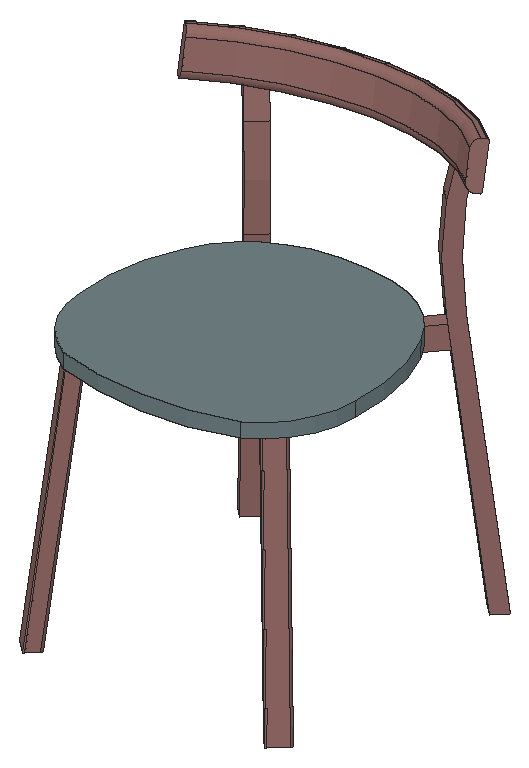
Revit family "FU_Chair_Sandler_Timber 1-9", category Furniture, Revit 2020
Family settings
  OmniClass Number = 23.40.20.00
  OmniClass Title = General Furniture and Specialties
  Work Plane-Based = No
  Always vertical = Yes
  Cut with Voids When Loaded = No
  Shared = No
  Room Calculation Point = No
Parameters (values of type "Timber 1.9")
  Width = 555 mm
  URL = "https://www.sandlerseating.com/product/timber-1-9/"
  Seat [instance] = Fabric - X2 - Polygon AK002
  Model = "Timber 1.9"
  Manufacturer = "Sandler"
  Height = 795 mm
  Frame = Wood - Stain - Light Mahogany
  Description = "Side chair with a wooden seat, back and upholstered seat panel on a solid beech frame."
  Depth = 550 mm
  Default Elevation = 0 mm
Reference planes
  plane 1 "Center (Front/Back)": y = 0
  plane 2: z = 0
  plane 3 "Center (Left/Right)": x = 0
  plane 4 "Right": x = -277.5
  plane 5 "Left": x = 277.5
  plane 6 "Back": y = 275
  plane 7 "Front": y = -275
  plane 8 "Height": z = 795
  plane 9 "Seat height": z = 480
  plane 10 "FL C RIGHT": through (4267.2, -241.794, 3.771) normal (0, -0.9956, 0.0933)
  plane 11 "FLL C FRONT": through (218.068, -1524, 3.738) normal (-0.996, 0, -0.089)
  plane 12 "Seat Frame Base RIGHT": z = 424.002
  plane 13 "Back C Angle RIGHT": through (4267.2, 132.052, 763.163) normal (0, 0.1979, 0.9802)
Forms (mm)
  Sweep 1, solid, material "Wood - Stain - Light Mahogany" <- "Frame"
    path origin (0, -240.042, 22.484) x (0, -0.093258, -0.995642) y (1, 0, 0)
      loop
        line (26.824, 218.84) -> (-446.272, 176.358)
    profile origin (197.599, -220.483, 231.294) x (-0.995993, -0.008341, -0.089046) y (0, -0.995642, 0.093258)
      loop
        arc (21.232, 2.156) -> (21.824, 3.557) -> (21.273, 4.973) r 2.021
        line (21.273, 4.973) -> (5.487, 21.694)
        arc (5.487, 21.694) -> (4.081, 22.312) -> (2.658, 21.735) r 1.973
        line (2.658, 21.735) -> (-21.459, -2.383)
        arc (-21.459, -2.383) -> (-22.04, -3.756) -> (-21.5, -5.146) r 1.983
        line (-21.5, -5.146) -> (-5.737, -21.854)
        arc (-5.737, -21.854) -> (-4.288, -22.492) -> (-2.821, -21.897) r 2.033
        line (-2.821, -21.897) -> (21.232, 2.156)
  Extrusion 2, solid, material "Wood - Stain - Light Mahogany" <- "Frame"
    sketch origin (-114.915, 220.821, 0) x (0.694658, 0.71934, 0) y (0, 0, 1)
      loop
        line (235.568, 0) -> (262.432, 0) -> (202.187, 480)
        arc (202.187, 480) -> (196.765, 570) -> (202.187, 660) r 749.759
        arc (202.187, 660) -> (211.87, 708.404) -> (223.806, 756.303) r 1055.801
        arc (223.806, 756.303) -> (223.621, 757.811) -> (222.43, 758.754) r 2
        line (222.43, 758.754) -> (200.727, 764.997)
        arc (200.727, 764.997) -> (199.222, 764.829) -> (198.274, 763.648) r 1.984
        arc (198.274, 763.648) -> (185.076, 712.306) -> (175.323, 660.201) r 796.447
        arc (175.323, 660.201) -> (168.473, 570.1) -> (175.323, 480) r 595.989
        line (175.323, 480) -> (235.568, 0)
    from 205 to 239.99
  Extrusion 3, solid, material "Wood - Stain - Light Mahogany" <- "Frame"
    sketch origin (0, 0, 424.002) x (0, -1, 0) y (1, 0, 0)
      loop
        line (-186.338, -184.228) -> (0.927, -19.234) -> (185.238, -181.625) -> (205.688, -161.175) -> (103.954, -71.54) -> (103.954, 71.54) -> (204.319, 159.969) -> (183.869, 180.419) -> (0.927, 19.234) -> (-185.15, 183.181) -> (-205.6, 162.731) -> (-103.954, 73.173) -> (-103.954, -73.173) -> (-206.788, -163.778) -> (-186.338, -184.228)
      loop
        line (79.765, 50.228) -> (22.757, 0) -> (79.765, -50.228) -> (79.765, 50.228)
      loop
        line (-79.765, 51.861) -> (-79.765, -51.861) -> (-20.903, 0) -> (-79.765, 51.861)
    from 0 to 40
  Sweep 4, solid, material "Wood - Stain - Light Mahogany" <- "Frame"
    path origin (0, -240.042, 22.484) x (0, -0.093258, -0.995642) y (-1, 0, 0)
      loop
        line (26.824, 218.84) -> (-446.272, 176.358)
    profile origin (-197.599, -220.483, 231.294) x (-0.995993, 0.008341, 0.089046) y (0, -0.995642, 0.093258)
      loop
        line (-21.232, 2.156) -> (2.821, -21.897)
        arc (2.821, -21.897) -> (4.288, -22.492) -> (5.737, -21.854) r 2.033
        line (5.737, -21.854) -> (21.5, -5.146)
        arc (21.5, -5.146) -> (22.04, -3.756) -> (21.459, -2.383) r 1.983
        line (21.459, -2.383) -> (-2.658, 21.735)
        arc (-2.658, 21.735) -> (-4.081, 22.312) -> (-5.487, 21.694) r 1.973
        line (-5.487, 21.694) -> (-21.273, 4.973)
        arc (-21.273, 4.973) -> (-21.824, 3.557) -> (-21.232, 2.156) r 2.021
  Extrusion 5, solid, material "Wood - Stain - Light Mahogany" <- "Frame"
    sketch origin (114.915, 220.821, 0) x (-0.694658, 0.71934, 0) y (0, 0, -1)
      loop
        line (235.568, 0) -> (175.323, -480)
        arc (175.323, -480) -> (168.473, -570.1) -> (175.323, -660.201) r 595.989
        arc (175.323, -660.201) -> (185.076, -712.306) -> (198.274, -763.648) r 796.447
        arc (198.274, -763.648) -> (199.222, -764.829) -> (200.727, -764.997) r 1.984
        line (200.727, -764.997) -> (222.43, -758.754)
        arc (222.43, -758.754) -> (223.621, -757.811) -> (223.806, -756.303) r 2
        arc (223.806, -756.303) -> (211.87, -708.404) -> (202.187, -660) r 1055.801
        arc (202.187, -660) -> (196.765, -570) -> (202.187, -480) r 749.759
        line (202.187, -480) -> (262.432, 0) -> (235.568, 0)
    from 205 to 239.99
  Sweep 6, solid, material "Wood - Stain - Light Mahogany" <- "Frame"
    path origin (0, 153.179, 758.898) x (0, -0.980231, 0.197854) y (1, 0, 0)
      loop
        arc (12.194, -256.61) -> (-98.855, 0) -> (12.194, 256.61) r 352.007
    profile "pro_Timber_1-10_back : pro_Timber_1-10_back" origin (0, 250.08, 739.34) x (0, 0.980231, -0.197854) y (0, 0.197854, 0.980231)
      loop
        line (15.956, 40.304) -> (7.975, 40.304)
        arc (7.975, 40.304) -> (-2.631, 35.911) -> (-7.025, 25.304) r 15
        line (-7.025, 25.304) -> (-7.025, -25.304)
        arc (-7.025, -25.304) -> (-2.631, -35.911) -> (7.975, -40.304) r 15
        line (7.975, -40.304) -> (16, -40.304)
        arc (16, -40.304) -> (17.414, -39.718) -> (18, -38.304) r 2
        line (18, -38.304) -> (18, 38.26)
        arc (18, 38.26) -> (17.401, 39.706) -> (15.956, 40.304) r 2.044
  Extrusion 7, solid, material "Fabric - X2 - Polygon AK002" <- "Seat"
    sketch origin (0, 0, 480) x (-1, 0, 0) y (0, -1, 0)
      loop
        arc (-156.418, 248.122) -> (-219.603, 186.495) -> (-243.779, 101.607) r 171.525
        arc (-243.779, 101.607) -> (-239.496, 5.237) -> (-208.914, -86.252) r 347.881
        arc (-208.914, -86.252) -> (-152.505, -155.265) -> (-71.802, -193.106) r 201.029
        arc (-71.802, -193.106) -> (0, -200.851) -> (71.802, -193.106) r 336.703
        arc (71.802, -193.106) -> (152.505, -155.265) -> (208.914, -86.252) r 201.029
        arc (208.914, -86.252) -> (239.496, 5.237) -> (243.779, 101.607) r 347.881
        arc (243.779, 101.607) -> (219.603, 186.495) -> (156.418, 248.122) r 171.525
        arc (156.418, 248.122) -> (0, 273.142) -> (-156.418, 248.122) r 501.439
    from -15.998 to 10
  Extrusion 8, void
    sketch origin (0, 0, 0) x (0, 1, 0) y (0, 0, 1)
      loop
        line (-275, -18.18) -> (-211.03, -18.18) -> (-211.03, 0) -> (-275, 0) -> (-275, -18.18)
    from -250 to 250
Cuts and joins
  Extrusion 8 cuts Sweep 4
  Extrusion 8 cuts Sweep 1
Dimensions and locks
  equal spacing: plane 4 "Right", plane 3 "Center (Left/Right)", plane 5 "Left"
  "Width": plane 4 "Right" to plane 5 "Left"
  equal spacing: plane 6 "Back", plane 1 "Center (Front/Back)", plane 7 "Front"
  "Depth": plane 6 "Back" to plane 7 "Front"
  "Height": plane 8 "Height" to level
  plane 9 "Seat height" to level = 480 mm
  aligned and locked: level to plane 2
Automatic sketch dimensions
  plane 5 "Left" to Sweep 1 sketch curve = 101.142 mm
  plane 5 "Left" to Sweep 1 sketch curve = 58.66 mm
  Sweep 1 sketch curve to Sweep 1 sketch curve = 473.096 mm
  Sweep 1 sketch curve to plane 10 "FL C RIGHT" = 5.146 mm
  profile plane to Sweep 1 sketch curve = 21.5 mm
  Sweep 1 sketch curve to plane 10 "FL C RIGHT" = 2.383 mm
  Sweep 1 sketch curve to Sweep 1 sketch curve = 0.04 mm
  Sweep 1 sketch curve to Sweep 1 sketch curve = 1.442 mm
  profile plane to Sweep 1 sketch curve = 5.737 mm
  Sweep 1 sketch curve to Sweep 1 sketch curve = 1.478 mm
  Sweep 1 sketch curve to Sweep 1 sketch curve = 1.437 mm
  Sweep 1 sketch curve to profile plane = 2.658 mm
  Sweep 1 sketch curve to Sweep 1 sketch curve = 1.395 mm  (x2)
  Sweep 1 sketch curve to Sweep 1 sketch curve = 1.434 mm
  plane 10 "FL C RIGHT" to Sweep 1 sketch curve = 3.586 mm
  Sweep 1 sketch curve to profile plane = 19.803 mm
  plane 10 "FL C RIGHT" to Sweep 1 sketch curve = 2.156 mm
  Sweep 1 sketch curve to Sweep 1 sketch curve = 1.429 mm
  plane 10 "FL C RIGHT" to Sweep 1 sketch curve = 4.973 mm
  Sweep 1 sketch curve to plane 10 "FL C RIGHT" = 20.459 mm
  plane 10 "FL C RIGHT" to Sweep 1 sketch curve = 20.34 mm
  Sweep 1 sketch curve to Sweep 1 sketch curve = 1.354 mm
  Extrusion 2 sketch curve to plane 9 "Seat height" = 0 mm  (x2)
  Extrusion 2 sketch curve to level = 0 mm
  Extrusion 2 sketch curve to plane 8 "Height" = 31.91 mm
  Extrusion 2 sketch curve to Extrusion 2 sketch curve = 24.855 mm
  Extrusion 2 sketch curve to plane 8 "Height" = 30.003 mm
  Extrusion 2 sketch curve to Extrusion 2 sketch curve = 0.548 mm
  Extrusion 2 sketch curve to Extrusion 2 sketch curve = 26.864 mm  (x3)
  Extrusion 2 sketch curve to Extrusion 2 sketch curve = 21.699 mm
  Extrusion 2 sketch curve to plane 8 "Height" = 36.246 mm
  Extrusion 2 sketch curve to Extrusion 2 sketch curve = 0.553 mm
  Extrusion 2 sketch curve to Extrusion 2 sketch curve = 33.382 mm
  plane 9 "Seat height" to Extrusion 2 sketch curve = 90.1 mm
  Extrusion 2 sketch curve to Extrusion 2 sketch curve = 562.275 mm
  plane 9 "Seat height" to Extrusion 2 sketch curve = 90 mm
  Extrusion 2 sketch curve to Extrusion 2 sketch curve = 182.063 mm
  Extrusion 2 sketch curve to Extrusion 2 sketch curve = 16.092 mm
  Extrusion 2 sketch curve to plane 9 "Seat height" = 2.86 mm
  Extrusion 2 sketch curve to Extrusion 2 sketch curve = 279.416 mm
  Extrusion 2 sketch curve to Extrusion 2 sketch curve = 30.205 mm
  Extrusion 2 sketch curve to Extrusion 2 sketch curve = 1.922 mm
  Extrusion 2 sketch curve to Extrusion 2 sketch curve = 0 mm
  Extrusion 3 sketch curve to plane 3 "Center (Left/Right)" = 0 mm  (x2)
  Extrusion 3 sketch curve to plane 6 "Back" = 68.212 mm
  Extrusion 3 sketch curve to plane 6 "Back" = 69.4 mm
  Extrusion 3 sketch curve to Extrusion 3 sketch curve = 20.45 mm  (x8)
  Extrusion 3 sketch curve to plane 1 "Center (Front/Back)" = 103.954 mm
  Extrusion 3 sketch curve to Extrusion 3 sketch curve = 24.189 mm  (x2)
  Extrusion 3 sketch curve to plane 1 "Center (Front/Back)" = 20.903 mm
  plane 1 "Center (Front/Back)" to Extrusion 3 sketch curve = 0.927 mm  (x2)
  plane 1 "Center (Front/Back)" to Extrusion 3 sketch curve = 22.757 mm
  Extrusion 3 sketch curve to Extrusion 3 sketch curve = 57.008 mm
  plane 7 "Front" to Extrusion 3 sketch curve = 91.131 mm
  plane 7 "Front" to Extrusion 3 sketch curve = 89.762 mm
  Extrusion 3 sketch curve to plane 3 "Center (Left/Right)" = 19.234 mm
  Extrusion 3 sketch curve to plane 3 "Center (Left/Right)" = 50.228 mm
  Extrusion 3 sketch curve to plane 3 "Center (Left/Right)" = 51.861 mm
  Extrusion 3 sketch curve to Extrusion 3 sketch curve = 21.312 mm  (x4)
  Extrusion 3 sketch curve to plane 4 "Right" = 116.325 mm
  Extrusion 3 sketch curve to plane 4 "Right" = 113.722 mm
  plane 3 "Center (Left/Right)" to Extrusion 3 sketch curve = 19.234 mm
  plane 3 "Center (Left/Right)" to Extrusion 3 sketch curve = 50.228 mm
  plane 3 "Center (Left/Right)" to Extrusion 3 sketch curve = 51.861 mm
  plane 5 "Left" to Extrusion 3 sketch curve = 117.531 mm
  plane 5 "Left" to Extrusion 3 sketch curve = 114.769 mm
  plane 4 "Right" to Sweep 4 sketch curve = 101.142 mm
  plane 4 "Right" to Sweep 4 sketch curve = 58.66 mm
  Sweep 4 sketch curve to Sweep 4 sketch curve = 473.096 mm
  plane 10 "FL C RIGHT" to Sweep 4 sketch curve = 4.973 mm
  profile plane to Sweep 4 sketch curve = 21.273 mm
  plane 10 "FL C RIGHT" to Sweep 4 sketch curve = 2.156 mm
  Sweep 4 sketch curve to Sweep 4 sketch curve = 0.041 mm
  Sweep 4 sketch curve to Sweep 4 sketch curve = 1.429 mm
  profile plane to Sweep 4 sketch curve = 5.487 mm
  Sweep 4 sketch curve to Sweep 4 sketch curve = 1.434 mm
  Sweep 4 sketch curve to Sweep 4 sketch curve = 1.395 mm  (x2)
  Sweep 4 sketch curve to profile plane = 2.821 mm
  Sweep 4 sketch curve to Sweep 4 sketch curve = 1.437 mm
  Sweep 4 sketch curve to Sweep 4 sketch curve = 1.478 mm
  Sweep 4 sketch curve to plane 10 "FL C RIGHT" = 3.785 mm
  Sweep 4 sketch curve to profile plane = 20.057 mm
  Sweep 4 sketch curve to plane 10 "FL C RIGHT" = 2.383 mm
  Sweep 4 sketch curve to Sweep 4 sketch curve = 1.402 mm
  Sweep 4 sketch curve to plane 10 "FL C RIGHT" = 5.146 mm
  Sweep 4 sketch curve to plane 10 "FL C RIGHT" = 20.459 mm
  plane 10 "FL C RIGHT" to Sweep 4 sketch curve = 20.34 mm
  Sweep 4 sketch curve to Sweep 4 sketch curve = 1.354 mm
  Extrusion 5 sketch curve to plane 9 "Seat height" = 0 mm  (x2)
  Extrusion 5 sketch curve to level = 0 mm
  Extrusion 5 sketch curve to plane 8 "Height" = 31.91 mm
  Extrusion 5 sketch curve to Extrusion 5 sketch curve = 24.855 mm
  Extrusion 5 sketch curve to plane 8 "Height" = 30.003 mm
  Extrusion 5 sketch curve to Extrusion 5 sketch curve = 0.548 mm
  Extrusion 5 sketch curve to Extrusion 5 sketch curve = 26.864 mm  (x3)
  Extrusion 5 sketch curve to Extrusion 5 sketch curve = 21.699 mm
  Extrusion 5 sketch curve to plane 8 "Height" = 36.246 mm
  Extrusion 5 sketch curve to Extrusion 5 sketch curve = 0.553 mm
  Extrusion 5 sketch curve to Extrusion 5 sketch curve = 33.382 mm
  plane 9 "Seat height" to Extrusion 5 sketch curve = 90.1 mm
  Extrusion 5 sketch curve to Extrusion 5 sketch curve = 562.275 mm
  plane 9 "Seat height" to Extrusion 5 sketch curve = 90 mm
  Extrusion 5 sketch curve to Extrusion 5 sketch curve = 182.063 mm
  Extrusion 5 sketch curve to Extrusion 5 sketch curve = 16.092 mm
  Extrusion 5 sketch curve to plane 9 "Seat height" = 2.86 mm
  Extrusion 5 sketch curve to Extrusion 5 sketch curve = 279.416 mm
  Extrusion 5 sketch curve to Extrusion 5 sketch curve = 1.922 mm
  Extrusion 5 sketch curve to Extrusion 5 sketch curve = 30.205 mm
  Extrusion 5 sketch curve to Extrusion 5 sketch curve = 0 mm
  Sweep 6 sketch curve to plane 3 "Center (Left/Right)" = 0 mm
  plane 5 "Left" to Sweep 6 sketch curve = 20.89 mm
  Sweep 6 sketch curve to Sweep 6 sketch curve = 240.958 mm
  Sweep 6 sketch curve to plane 4 "Right" = 20.89 mm
  Extrusion 7 sketch curve to plane 3 "Center (Left/Right)" = 0 mm  (x2)
  plane 1 "Center (Front/Back)" to Extrusion 7 sketch curve = 3.299 mm  (x2)
  plane 3 "Center (Left/Right)" to Extrusion 7 sketch curve = 28.933 mm
  plane 3 "Center (Left/Right)" to Extrusion 7 sketch curve = 72.279 mm
  Extrusion 7 sketch curve to Extrusion 7 sketch curve = 30.265 mm  (x2)
  Extrusion 7 sketch curve to plane 3 "Center (Left/Right)" = 28.933 mm
  Extrusion 7 sketch curve to plane 3 "Center (Left/Right)" = 72.279 mm
  Extrusion 7 sketch curve to plane 6 "Back" = 46.704 mm
  plane 1 "Center (Front/Back)" to Extrusion 7 sketch curve = 68.716 mm  (x2)
  Extrusion 7 sketch curve to Extrusion 7 sketch curve = 29.935 mm  (x2)
  Extrusion 7 sketch curve to Extrusion 7 sketch curve = 37.201 mm
  plane 3 "Center (Left/Right)" to Extrusion 7 sketch curve = 71.802 mm
  Extrusion 7 sketch curve to Extrusion 7 sketch curve = 0 mm  (x4)
  plane 7 "Front" to Extrusion 7 sketch curve = 26.878 mm  (x2)
  plane 5 "Left" to Extrusion 7 sketch curve = 121.082 mm
  Extrusion 8 sketch curve to level = 0 mm
  Extrusion 8 sketch curve to plane 7 "Front" = 0 mm
  plane 7 "Front" to Extrusion 8 sketch curve = 63.97 mm
  Extrusion 8 sketch curve to level = 18.18 mm
